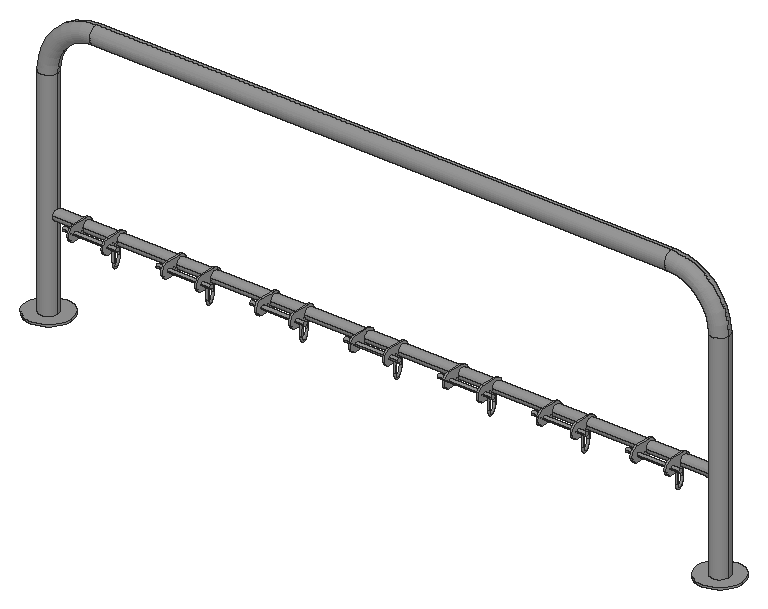
Revit family "14044 Парковка для самокатов «Драйв»Хоббика", category Антураж, Revit 2018
Family settings
  На основе рабочей плоскости = Нет
  Всегда вертикально = Да
  При загрузке вырезать с полостями = Нет
  Источник визуального образа = Геометрия семейства
  Общий = Нет
  Точка расчета площади = Нет
Parameters (values of type "Парковка для самокатов «Драйв»")
  Ширина = 124 mm  # constant formula
  Цвет каркаса = Сталь
  Описание = "Парковка для самокатов «Драйв»"  # constant formula
  Материал изделия = "Сталь"  # constant formula
  Ключевая пометка = "Велопарковки"  # constant formula
  Изображение типоразмера = Парковка для самокатов «Драйв» Арт 14044.jpg
  Длина = 2000 mm  # constant formula
  Группа модели = "ООО «Хоббика»"  # constant formula
  Высота = 769 mm  # constant formula
  Артикул товара = "Арт. 14044"  # constant formula
  URL = "https://hobbyka.ru/product/parkovka_dlya_samokatov_drayv/"
Reference planes
  plane 1 "По центру (Вперед/Назад)": y = 0
  plane 2: z = 0
  plane 3 "По центру (Влево/Вправо)": x = 0
  plane 4: y = 124
  plane 5: x = 2000
  plane 6: z = 769
Forms (mm)
  Sweep 1, solid, material "Сталь" <- "Цвет каркаса"
    path origin (0, 0, 0) x (1, 0, 0) y (0, 0, 1)
      loop
        line (62, 0) -> (62, 609)
        arc (62, 609) -> (101.541, 704.459) -> (197, 744) r 135
        line (197, 744) -> (1803, 744)
        arc (1803, 744) -> (1898.459, 704.459) -> (1938, 609) r 135
        line (1938, 609) -> (1938, 5)
    profile origin (62, 0, 304.5) x (-1, 0, 0) y (0, -1, 0)
      loop
        circle (0, -62) r 25
  Extrusion 2, solid, material "Сталь" <- "Цвет каркаса"
    sketch origin (0, 0, 0) x (1, 0, 0) y (0, 1, 0)
      loop
        circle (62, 62) r 62
      loop
        circle (1938, 62) r 62
    from 0 to 5
  Extrusion 3, solid, material "Сталь" <- "Цвет каркаса"
    sketch origin (0, 0, 0) x (0, 1, 0) y (0, 0, 1)
      loop
        circle (62, 255) r 15
    from 62 to 1938
Cuts and joins
  joined: Sweep 1, Extrusion 2, Extrusion 3
Lines and regions (mm)
  symbolic lines
    curve 1: line (288, 0, 250) -> (288, 0, 0)
    curve 2: line (138, 0, 0) -> (138, 0, 250)
Dimensions and locks
  "Ширина": plane 4 to plane 1 "По центру (Вперед/Назад)"
  "Длина": plane 5 to plane 3 "По центру (Влево/Вправо)"
  "Высота": plane 6 to plane 2
  equal spacing: group 1, group 3, group 4, group 5, group 6, group 7, group 2  (x3)
  aligned and locked: level to plane 2
  aligned and locked: plane 3 "По центру (Влево/Вправо)" to nested 1
  aligned and locked: plane 1 "По центру (Вперед/Назад)" to nested 1
Automatic sketch dimensions
  Sweep 1 sketch curve to level = 0 mm
  plane 3 "По центру (Влево/Вправо)" to Sweep 1 sketch curve = 62 mm
  Sweep 1 sketch curve to plane 5 = 62 mm
  Sweep 1 sketch curve to plane 6 = 160 mm
  level to Sweep 1 sketch curve = 5 mm
  Sweep 1 sketch curve to profile plane = 0 mm
  Sweep 1 sketch curve to plane 1 "По центру (Вперед/Назад)" = 62 mm
  plane 3 "По центру (Влево/Вправо)" to Extrusion 2 sketch curve = 62 mm
  Extrusion 2 sketch curve to plane 5 = 62 mm
  Extrusion 2 sketch curve to plane 1 "По центру (Вперед/Назад)" = 62 mm  (x2)
  Extrusion 3 sketch curve to plane 1 "По центру (Вперед/Назад)" = 62 mm
  level to Extrusion 3 sketch curve = 255 mm
  Sweep 1 sketch curve to Sweep 1 sketch curve = 135 mm  (x2)
  radius of Sweep 1 sketch curve = 25 mm
  radius of Extrusion 2 sketch curve = 62 mm  (x2)
  radius of Extrusion 3 sketch curve = 15 mm
Nested families
  nested 1: "Замок" at (0, 0, 0), type "Замок"
  nested 2: "Замок" at (1574, 0, 0), type "Замок"
  nested 3: "Замок" at (262.333, 0, 0), type "Замок"
  nested 4: "Замок" at (524.667, 0, 0), type "Замок"
  nested 5: "Замок" at (787, 0, 0), type "Замок"
  nested 6: "Замок" at (1049.333, 0, 0), type "Замок"
  nested 7: "Замок" at (1311.667, 0, 0), type "Замок"
Definition of nested family "Замок"
  Parameters (values of type "Замок")
    Цвет кркаса = none
    Height = 0 mm
  Reference planes
    plane 1 "По центру (Вперед/Назад)": y = 0
    plane 2: z = 0
    plane 3 "По центру (Влево/Вправо)": x = 0
  Forms (mm)
    Extrusion 1, solid, material <- "Цвет кркаса"
      sketch origin (0, 0, 0) x (0, 1, 0) y (0, 0, 1)
        loop
          circle (62, 255) r 15
        loop
          arc (62, 235) -> (82, 255) -> (62, 275) r 20
          line (62, 275) -> (20, 275)
          arc (20, 275) -> (0, 255) -> (20, 235) r 20
          line (20, 235) -> (62, 235)
        loop
          circle (20, 255) r 5
      from 163 to 168
    Extrusion 2, solid, material <- "Цвет кркаса"
      sketch origin (0, 0, 0) x (0, 1, 0) y (0, 0, 1)
        loop
          circle (62, 255) r 15
        loop
          arc (62, 235) -> (82, 255) -> (62, 275) r 20
          line (62, 275) -> (20, 275)
          arc (20, 275) -> (0, 255) -> (20, 235) r 20
          line (20, 235) -> (62, 235)
        loop
          circle (20, 255) r 5
      from 258 to 263
    Extrusion 3, solid, material <- "Цвет кркаса"
      sketch origin (0, 0, 0) x (0, 1, 0) y (0, 0, 1)
        loop
          circle (20, 255) r 5
      from 138 to 288
    Sweep 4, solid, material <- "Цвет кркаса"
      path origin (28.489, -101.566, 0) x (-0.374607, 0.927184, 0) y (0, 0, 1)
        loop
          line (20, 250) -> (20, 220)
          arc (20, 220) -> (41, 199) -> (62, 220) r 21
          line (62, 220) -> (62, 240)
      profile origin (20.997, -83.022, 235) x (0.927184, 0.374607, 0) y (-0.374607, 0.927184, 0)
        loop
          circle (275.5, 0) r 2.5
  Dimensions and locks
    aligned and locked: level to plane 2
